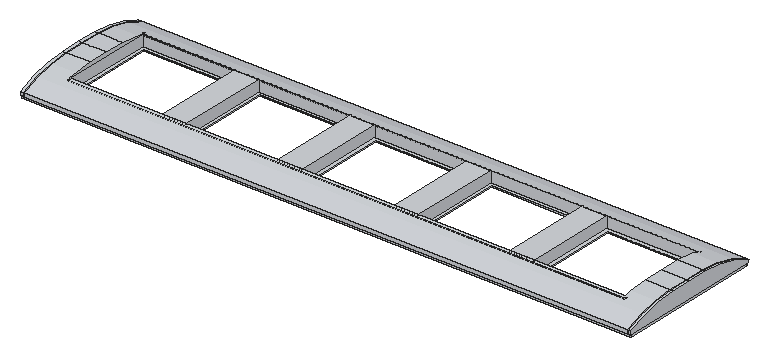
Revit family "Gira_021551", category Electrical Fixtures, host Face, Revit 2017
Family settings
  Host = Face
  Maintain Annotation Orientation = No
  Round Connector Dimension = Use Diameter
  Part Type = Normal
  Cut with Voids When Loaded = No
  Shared = No
  Room Calculation Point = No
Parameters (values of type "Cov.fr. 5-g interm.fr. CAl Gira Event Opaque mint")
  With mounting grid = "No"
  With hinged lid = "No"
  URL = "http://katalog.gira.de/en/datenblatt.html?artikelnr=021551"
  Type of fastening = "Clamp mounting"
  Transparent = "No"
  Surface protection = "Other"
  Suitable for wall duct = "No"
  Suitable for flush-mounted installation = "Yes"
  Suitable for floor box = "No"
  Suitable for built-in installation = "No"
  Number of units vertical = "5"
  Number of units horizontal = "5"
  Number of units = "5"
  Name = "Cov.fr. 5-g interm.fr. CAl Gira Event Opaque mint"
  Mounting direction = "Horizontal and vertical"
  Material quality = "Thermoplastic"
  Material = "Plastic"
  Manufacturer URL = "https://www.gira.de/"
  Manufacturer = "Gira"
  Label space/information surface = "No"
  Keynote = ""
  HeinzeBIM = "https://bimportal.heinze.de/bim/cov-fr-5-g-interm-fr-cal-gira-event-opaque-mint/608b8f4aa27918eb5c619475d472284fbac8ce9c"
  Halogen free = "Yes"
  HAN = "021551"
  GTIN = "4010337215516"
  Description = "Cov.fr.5g i.fr.CAl EvOp MI,Gira Event Opaque frames,mint with colour aluminium intermediate frame,5-gang,Features:,- Shatter-proof."
  Degree of protection (IP) = "IP20"
  Default Elevation = 1219.2 mm
  Data sheet (1) = "https://katalog.gira.de/en/download.html?artikelnr=021551"
  Colour = "Green"
  Category = "Cover frame for domestic switching devices"
  BIM (1) = "https://media.stage.bim.site/public/gira/36a6b08/Event_Rahmen_5fach.rfa"
  Available = "No"
Reference planes
  plane 1 "Center (Front/Back)": y = 0
  plane 2: z = 0
  plane 3 "Center (Left/Right)": x = 0
Forms (mm)
  Extrusion 1, solid, detail levels fine
    sketch origin (0, 0, 0.05) x (0, 1, 0) y (0, 0, 1)
      loop
        arc (12.445, 9.683) -> (6.223, 9.833) -> (0, 9.85) r 291.636
        arc (0, 9.85) -> (-6.223, 9.833) -> (-12.445, 9.683) r 291.636
        arc (-12.445, 9.683) -> (-29.14, 7.482) -> (-45, 1.823) r 79.728
        line (-45, 1.823) -> (-45, -0.05) -> (-42.086, -0.05)
        arc (-42.086, -0.05) -> (-21.385, 5.559) -> (0, 7.206) r 114.424
        arc (0, 7.206) -> (21.385, 5.559) -> (42.086, -0.05) r 114.424
        line (42.086, -0.05) -> (45, -0.05) -> (45, 1.823)
        arc (45, 1.823) -> (29.14, 7.482) -> (12.445, 9.683) r 79.728
    from -185.578 to 185.593
  Extrusion 2, void, detail levels fine
    sketch origin (0, 0, 0) x (1, 0, 0) y (0, 1, 0)
      loop
        line (170.607, 28) -> (-170.593, 28) -> (-170.593, -28) -> (170.607, -28) -> (170.607, 28)
    from 0.724 to 11
  Extrusion 3, solid, detail levels coarse
    sketch origin (0, 0, 0) x (1, 0, 0) y (0, 1, 0)
      loop
        line (-187.578, 45) -> (-187.578, -45) -> (187.593, -45) -> (187.593, 45) -> (-187.578, 45)
    from -1.5 to 9.9
  Extrusion 4, solid, detail levels medium
    sketch origin (0, 0, 0.05) x (0, 1, 0) y (0, 0, 1)
      loop
        arc (12.445, 9.683) -> (6.223, 9.833) -> (0, 9.85) r 291.636
        arc (0, 9.85) -> (-6.223, 9.833) -> (-12.445, 9.683) r 291.636
        arc (-12.445, 9.683) -> (-29.14, 7.482) -> (-45, 1.823) r 79.728
        line (-45, 1.823) -> (-45, -0.05) -> (45, -0.05) -> (45, 1.823)
        arc (45, 1.823) -> (29.14, 7.482) -> (12.445, 9.683) r 79.728
    from -187.578 to 187.593
  Extrusion 5, solid, detail levels fine
    sketch origin (-142.578, 0, -1.5) x (0, 1, 0) y (0, 0, -1)
      loop
        line (45, -3.373) -> (45, -1.5) -> (-45, -1.5) -> (-45, -3.373)
        arc (-45, -3.373) -> (-29.14, -9.032) -> (-12.445, -11.233) r 79.728
        arc (-12.445, -11.233) -> (-6.223, -11.383) -> (0, -11.4) r 291.636
        arc (0, -11.4) -> (6.223, -11.383) -> (12.445, -11.233) r 291.636
        arc (12.445, -11.233) -> (29.14, -9.032) -> (45, -3.373) r 79.728
    from 43 to 45
  Extrusion 6, solid, detail levels fine
    sketch origin (0, 0, 0) x (1, 0, 0) y (0, 1, 0)
      loop
        line (-168.493, 25.7) -> (-168.493, -25.7) -> (-116.693, -25.7) -> (-116.693, 25.7) -> (-168.493, 25.7)
      loop
        line (-45.398, -25.7) -> (-45.398, 25.7) -> (-97.198, 25.7) -> (-97.198, -25.7) -> (-45.398, -25.7)
      loop
        line (-171.487, 28.49) -> (-171.487, -28.495)
        spline (-171.487, -28.495) -> (-171.479, -28.625) -> (-171.453, -28.754) -> (-171.411, -28.878) -> (-171.353, -28.995) -> (-171.281, -29.104) -> (-171.194, -29.202) -> (-171.096, -29.288) -> (-170.987, -29.361) -> (-170.87, -29.419) -> (-170.746, -29.461) -> (-170.618, -29.486) -> (-170.487, -29.495)
        line (-170.487, -29.495) -> (170.502, -29.495)
        spline (170.502, -29.495) -> (170.633, -29.486) -> (170.761, -29.461) -> (170.885, -29.419) -> (171.002, -29.361) -> (171.111, -29.288) -> (171.209, -29.202) -> (171.296, -29.104) -> (171.368, -28.995) -> (171.426, -28.878) -> (171.468, -28.754) -> (171.494, -28.625) -> (171.502, -28.495)
        line (171.502, -28.495) -> (171.502, 28.49)
        spline (171.502, 28.49) -> (171.494, 28.62) -> (171.468, 28.748) -> (171.426, 28.872) -> (171.368, 28.99) -> (171.296, 29.098) -> (171.209, 29.197) -> (171.111, 29.283) -> (171.002, 29.356) -> (170.885, 29.413) -> (170.761, 29.456) -> (170.633, 29.481) -> (170.502, 29.49)
        line (170.502, 29.49) -> (-170.487, 29.49)
        spline (-170.487, 29.49) -> (-170.618, 29.481) -> (-170.746, 29.456) -> (-170.87, 29.413) -> (-170.987, 29.356) -> (-171.096, 29.283) -> (-171.194, 29.197) -> (-171.281, 29.098) -> (-171.353, 28.99) -> (-171.411, 28.872) -> (-171.453, 28.748) -> (-171.479, 28.62) -> (-171.487, 28.49)
      loop
        line (25.902, -25.7) -> (25.902, 25.7) -> (-25.898, 25.7) -> (-25.898, -25.7) -> (25.902, -25.7)
      loop
        line (97.207, -25.7) -> (97.207, 25.7) -> (45.407, 25.7) -> (45.407, -25.7) -> (97.207, -25.7)
      loop
        line (168.507, -25.7) -> (168.507, 25.7) -> (116.707, 25.7) -> (116.707, -25.7) -> (168.507, -25.7)
    from 0.1 to 7.3
  Extrusion 7, solid
    sketch origin (0, 0, 0) x (1, 0, 0) y (0, 1, 0)
      loop
        arc (-187.293, -44.218) -> (-187.146, -44.572) -> (-186.793, -44.718) r 0.5
        line (-186.793, -44.718) -> (186.807, -44.718)
        arc (186.807, -44.718) -> (187.161, -44.572) -> (187.307, -44.218) r 0.5
        line (187.307, -44.218) -> (187.307, 44.182)
        arc (187.307, 44.182) -> (187.161, 44.535) -> (186.807, 44.682) r 0.5
        line (186.807, 44.682) -> (-186.793, 44.682)
        arc (-186.793, 44.682) -> (-187.146, 44.535) -> (-187.293, 44.182) r 0.5
        line (-187.293, 44.182) -> (-187.293, -44.218)
      loop
        line (-185.593, 42.982) -> (-185.593, -43.018) -> (185.607, -43.018) -> (185.607, 42.982) -> (-185.593, 42.982)
    from -1.5 to 0.5
  Extrusion 8, solid, detail levels fine
    sketch origin (142.593, 0, -1.5) x (0, 1, 0) y (0, 0, 1)
      loop
        arc (45, 3.373) -> (29.14, 9.032) -> (12.445, 11.233) r 79.728
        arc (12.445, 11.233) -> (6.223, 11.383) -> (0, 11.4) r 291.636
        arc (0, 11.4) -> (-6.223, 11.383) -> (-12.445, 11.233) r 291.636
        arc (-12.445, 11.233) -> (-29.14, 9.032) -> (-45, 3.373) r 79.728
        line (-45, 3.373) -> (-45, 1.5) -> (45, 1.5) -> (45, 3.373)
    from 43 to 45
  Extrusion 9, solid, detail levels medium
    sketch origin (0, 0, 0) x (1, 0, 0) y (0, 1, 0)
      loop
        line (-187.293, -44.718) -> (187.307, -44.718) -> (187.307, 44.682) -> (-187.293, 44.682) -> (-187.293, -44.718)
    from -1.5 to 0.5
  Extrusion 10, solid, detail levels fine
    sketch origin (-105.5, 0, 0) x (1, 0, 0) y (0, 1, 0)
      loop
        line (-8.943, 28.063) -> (-8.943, -27.937) -> (6.057, -27.937) -> (6.057, 28.063) -> (-8.943, 28.063)
    from 0.724 to 7.566
  Extrusion 11, solid, detail levels fine
    sketch origin (-37.085, 0, 0) x (-1, 0, 0) y (0, -1, 0)
      loop
        line (-8.943, -28.063) -> (6.057, -28.063) -> (6.057, 27.937) -> (-8.943, 27.937) -> (-8.943, -28.063)
    from 0.724 to 7.566
  Extrusion 12, solid, detail levels fine
    sketch origin (105.5, 0, 0) x (-1, 0, 0) y (0, -1, 0)
      loop
        line (-8.943, -28.063) -> (6.057, -28.063) -> (6.057, 27.937) -> (-8.943, 27.937) -> (-8.943, -28.063)
    from 0.724 to 7.566
  Extrusion 13, solid, detail levels fine
    sketch origin (37.085, 0, 0) x (1, 0, 0) y (0, 1, 0)
      loop
        line (-8.943, 28.063) -> (-8.943, -27.937) -> (6.057, -27.937) -> (6.057, 28.063) -> (-8.943, 28.063)
    from 0.724 to 7.566
Cuts and joins
  Extrusion 2 cuts Extrusion 1
  Extrusion 2 cuts Extrusion 6
Dimensions and locks
  aligned and locked: plane 2 to host face
  aligned and locked: level to host face
